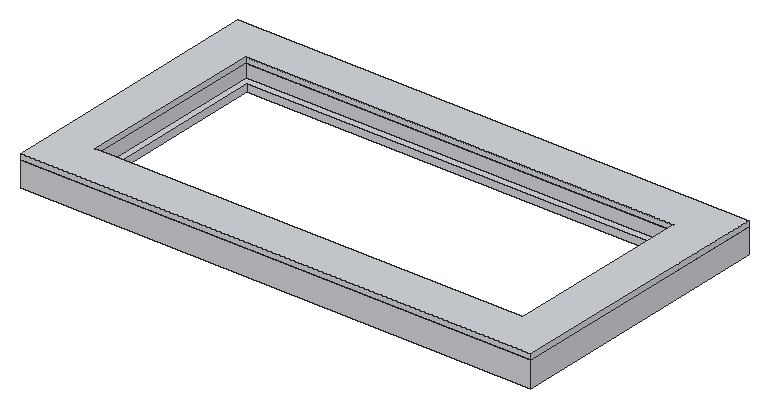
Revit family "Gira_100223", category Electrical Fixtures, host Face, Revit 2017
Family settings
  Host = Face
  Maintain Annotation Orientation = No
  Round Connector Dimension = Use Diameter
  Part Type = Normal
  Cut with Voids When Loaded = No
  Shared = No
  Room Calculation Point = No
Parameters (values of type "Cov.fr. 2-g w/o cb Gira E2 anthra.")
  With mounting grid = "No"
  With hinged lid = "No"
  URL = "http://katalog.gira.de/en/datenblatt.html?artikelnr=100223"
  Type of fastening = "Clamp mounting"
  Transparent = "No"
  Surface protection = "Other"
  Suitable for wall duct = "No"
  Suitable for flush-mounted installation = "Yes"
  Suitable for floor box = "No"
  Suitable for built-in installation = "No"
  Number of units vertical = "2"
  Number of units horizontal = "2"
  Number of units = "2"
  Name = "Cov.fr. 2-g w/o cb Gira E2 anthra."
  Mounting direction = "Horizontal and vertical"
  Material quality = "Thermoplastic"
  Material = "Plastic"
  Manufacturer URL = "https://www.gira.de/"
  Manufacturer = "Gira"
  Label space/information surface = "No"
  Keynote = ""
  HeinzeBIM = "https://bimportal.heinze.de/bim/cov-fr-2-g-w-o-cb-gira-e2-anthra-/765c5497f30e646f84aa06d95bb6c1fb72a8b90e"
  Halogen free = "Yes"
  HAN = "100223"
  GTIN = "4010337002239"
  Description = "Cov.fr.2g w o cb E2 AN,Gira E2 cover frame,anthracite,2-gang without crossbar,Features:,- Shatter-proof.,,Notes :,- Also suitable for duct installation.,- In connection with the seal kit, frame (1-gang to 5-gang) is also suitable for installation as water-protected flush-mounted IP44."
  Degree of protection (IP) = "IP20"
  Default Elevation = 1219.2 mm
  Data sheet (1) = "https://katalog.gira.de/en/download.html?artikelnr=100223"
  Colour = "Anthracite"
  Category = "Cover frame for domestic switching devices"
  BIM (1) = "https://media.stage.bim.site/public/gira/36a6b08/E2_Rahmen_2fach o.Mittelsteg.rfa?public/gira/36a6b08/E2_Rahmen_2fach o.Mittelsteg.rfa"
  Available = "No"
Reference planes
  plane 1 "Center (Front/Back)": y = 0
  plane 2: z = 0
  plane 3 "Center (Left/Right)": x = 0
Forms (mm)
  Extrusion 1, solid, detail levels fine
    sketch origin (0, 0, 0) x (1, 0, 0) y (0, 1, 0)
      loop
        line (-75.95, 40.4) -> (-75.95, -40.4) -> (75.95, -40.4) -> (75.95, 40.4) -> (-75.95, 40.4)
      loop
        line (-63.602, -28.052) -> (63.602, -28.052) -> (63.602, 28.052) -> (-63.602, 28.052) -> (-63.602, -28.052)
    from 7.7 to 9.3
  Extrusion 2, solid, detail levels fine
    sketch origin (0, 0, 0) x (1, 0, 0) y (0, 1, 0)
      loop
        line (-75.95, 40.4) -> (-75.95, -40.4) -> (75.95, -40.4) -> (75.95, 40.4) -> (-75.95, 40.4)
      loop
        line (-74.148, -38.598) -> (74.148, -38.598) -> (74.148, 38.598) -> (-74.148, 38.598) -> (-74.148, -38.598)
    from 0 to 7.7
  Extrusion 3, solid, detail levels fine
    sketch origin (0, 0, 0) x (1, 0, 0) y (0, 1, 0)
      loop
        line (-61.45, -25.7) -> (61.451, -25.7) -> (61.451, 25.701) -> (-61.45, 25.701) -> (-61.45, -25.7)
      loop
        line (-63.602, 28.052) -> (-63.602, -28.052) -> (63.602, -28.052) -> (63.602, 28.052) -> (-63.602, 28.052)
    from 1.8 to 3.8
  Extrusion 4, solid, detail levels fine
    sketch origin (0, 0, 0) x (1, 0, 0) y (0, 1, 0)
      loop
        line (-63.602, -28.052) -> (63.602, -28.052) -> (63.602, 28.052) -> (-63.602, 28.052) -> (-63.602, -28.052)
      loop
        spline (65.089, 27.539) -> (65.072, 27.8) -> (65.021, 28.057) -> (64.937, 28.305) -> (64.821, 28.539) -> (64.676, 28.757) -> (64.504, 28.954) -> (64.307, 29.126) -> (64.089, 29.271) -> (63.855, 29.387) -> (63.607, 29.471) -> (63.35, 29.522) -> (63.089, 29.539)
        line (63.089, 29.539) -> (-63.089, 29.539)
        spline (-63.089, 29.539) -> (-63.35, 29.522) -> (-63.607, 29.471) -> (-63.855, 29.387) -> (-64.089, 29.271) -> (-64.307, 29.126) -> (-64.504, 28.954) -> (-64.676, 28.757) -> (-64.821, 28.539) -> (-64.937, 28.305) -> (-65.021, 28.057) -> (-65.072, 27.8) -> (-65.089, 27.539)
        line (-65.089, 27.539) -> (-65.089, -27.539)
        spline (-65.089, -27.539) -> (-65.072, -27.8) -> (-65.021, -28.057) -> (-64.937, -28.305) -> (-64.821, -28.539) -> (-64.676, -28.757) -> (-64.504, -28.954) -> (-64.307, -29.126) -> (-64.089, -29.271) -> (-63.855, -29.387) -> (-63.607, -29.471) -> (-63.35, -29.522) -> (-63.089, -29.539)
        line (-63.089, -29.539) -> (63.089, -29.539)
        spline (63.089, -29.539) -> (63.35, -29.522) -> (63.607, -29.471) -> (63.855, -29.387) -> (64.089, -29.271) -> (64.307, -29.126) -> (64.504, -28.954) -> (64.676, -28.757) -> (64.821, -28.539) -> (64.937, -28.305) -> (65.021, -28.057) -> (65.072, -27.8) -> (65.089, -27.539)
        line (65.089, -27.539) -> (65.089, 27.539)
    from 1.8 to 7.7
  Extrusion 5, solid, detail levels coarse+medium
    sketch origin (0, 0, 0) x (1, 0, 0) y (0, 1, 0)
      loop
        line (-75.95, 40.4) -> (-75.95, -40.4) -> (75.95, -40.4) -> (75.95, 40.4) -> (-75.95, 40.4)
    from 0 to 9.3
Dimensions and locks
  aligned and locked: plane 2 to host face
  aligned and locked: level to host face
